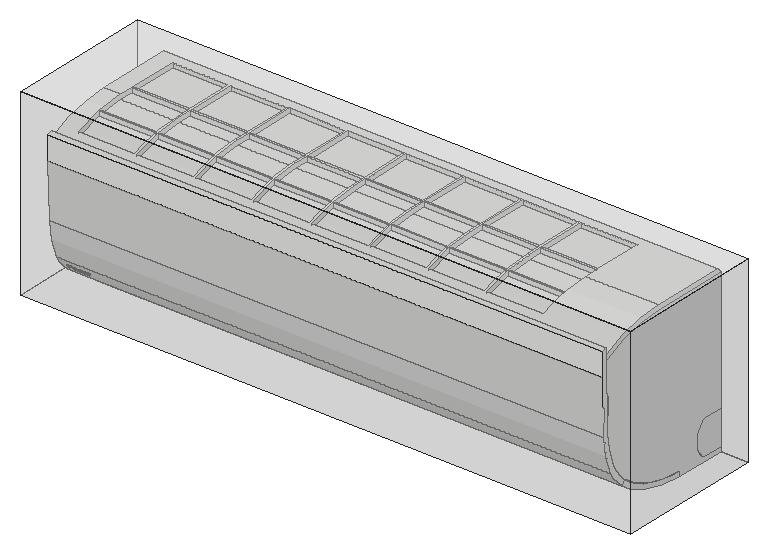
Revit family "outputfile", category 機械設備, Revit 2024 (continued)
Definition of nested family "DAIKIN_indoorunit_FTC-XV14"
  Automatic sketch dimensions
    plane 1 "Center (Front/Back)" to Extrusion 24 sketch curve = 0.0 mm  (x2)
    plane 3 "Center (Left/Right)" to Extrusion 24 sketch curve = 469.0 mm
    Extrusion 24 sketch curve to Extrusion 24 sketch curve = 20.0 mm  (x4)
    Extrusion 24 sketch curve to plane 3 "Center (Left/Right)" = 409.0 mm
  Nested families
    nested 1: "daikin_logo_plane_w40" at (-320, -198.871, -233.244) x (1, 0, 0) z (0, -0.7841, -0.6206), visible <- "Width=770", type "daikin_logo_plane_w40"
      with show_logo yes
    nested 2: "daikin_logo_plane_w40" at (-430, -237.74, -233.244) x (1, 0, 0) z (0, -0.7841, -0.6206), visible <- "Width=990", type "daikin_logo_plane_w40"
      with show_logo yes
  Definition of nested family "daikin_logo_plane_w40"
    Parameters (values of type "daikin_logo_plane_w40")
      width = 40.0 mm
      show_logo [instance] = yes
      material = none
      height = 0.0 mm
      depth = 0.0 mm
      Default Elevation = 1219.2 mm
    Reference planes
      plane 1 "Center (Front/Back)": y = 0
      plane 2: z = 0
      plane 3 "Center (Left/Right)": x = 0
      plane 4: z = 2
      plane 5 "left": x = -19
      plane 6: x = 19
    Forms (mm)
      Extrusion 1, solid, visible <- "show_logo"
        sketch origin (-19, 0, 0) x (1, 0, 0) y (0, 1, 0)
          loop
            line (8.902, -1.878) -> (7.789, -6.332) -> (11.13, -6.332)
            arc (11.13, -6.332) -> (12.454, -6.064) -> (13.472, -5.176) r 2.642
            arc (13.472, -5.176) -> (13.92, -4.02) -> (13.767, -2.79) r 2.537
            arc (13.767, -2.79) -> (13.452, -2.342) -> (12.982, -2.06) r 1.321
            arc (12.982, -2.06) -> (12.063, -1.902) -> (11.13, -1.878) r 6.479
            line (11.13, -1.878) -> (8.902, -1.878)
          loop
            line (10.016, -5.441) -> (10.907, -5.441)
            arc (10.907, -5.441) -> (11.591, -4.983) -> (11.988, -4.261) r 1.742
            spline (11.988, -4.261) -> (12.01, -4.155) -> (12.027, -4.03) -> (12.037, -3.893) -> (12.037, -3.747) -> (12.026, -3.598) -> (12.002, -3.451) -> (11.962, -3.31) -> (11.905, -3.181) -> (11.829, -3.069) -> (11.731, -2.978) -> (11.61, -2.913) -> (11.464, -2.88)
            line (11.464, -2.88) -> (10.573, -2.88) -> (10.016, -5.441)
          loop
            line (13.58, -6.332) -> (14.805, -6.332) -> (15.223, -5.553) -> (16.977, -5.553) -> (17.144, -6.332) -> (19.149, -6.332) -> (18.258, -1.878) -> (16.03, -1.878) -> (13.58, -6.332)
          loop
            line (16.476, -3.214) -> (15.76, -4.551) -> (16.762, -4.551) -> (16.476, -3.214)
          loop
            line (19.705, -6.332) -> (21.599, -6.332) -> (22.712, -1.878) -> (20.819, -1.878) -> (19.705, -6.332)
          loop
            line (22.712, -6.332) -> (24.606, -6.332) -> (24.908, -5.122) -> (25.831, -6.332) -> (28.17, -6.332) -> (26.388, -3.994) -> (28.949, -1.878) -> (26.945, -1.878) -> (25.401, -3.153) -> (25.719, -1.878) -> (23.826, -1.878) -> (22.712, -6.332)
          loop
            line (29.84, -1.878) -> (28.615, -6.332) -> (30.62, -6.332) -> (31.734, -1.878) -> (29.84, -1.878)
          loop
            line (31.734, -6.332) -> (33.07, -6.332) -> (33.7, -3.814) -> (34.518, -6.332) -> (36.745, -6.332) -> (37.859, -1.878) -> (36.523, -1.878) -> (35.845, -4.589) -> (34.963, -1.878) -> (32.847, -1.878) -> (31.734, -6.332)
        from 0 to 2
      Extrusion 2, solid, visible <- "show_logo"
        sketch origin (-19, 0, 0) x (1, 0, 0) y (0, 1, 0)
          loop
            line (8.7, 0) -> (4.235, 0) -> (0, -3.879) -> (0, -8) -> (8.7, 0)
        from 0 to 2
      Extrusion 3, solid, visible <- "show_logo"
        sketch origin (-19, 0, 0) x (1, 0, 0) y (0, 1, 0)
          loop
            line (0, 0) -> (0, -3.879) -> (4.235, 0) -> (0, 0)
        from 0 to 2
    Dimensions and locks
      plane 4 to plane 2 = 2.0 mm
      equal spacing: plane 5 "left", plane 3 "Center (Left/Right)", plane 6
      locked: plane 5 "left" to plane 6 at 38
      aligned and locked: level to plane 2
      aligned and locked: Extrusion 3 to plane 1 "Center (Front/Back)"  (x2)
      aligned and locked: Extrusion 2 to plane 1 "Center (Front/Back)"  (x2)
      aligned and locked: plane 4 to Extrusion 1
      aligned and locked: plane 4 to Extrusion 3
      aligned and locked: plane 4 to Extrusion 2
      aligned and locked: Extrusion 3 to plane 5 "left"
      aligned and locked: Extrusion 2 to plane 5 "left"
    Automatic sketch dimensions
      Extrusion 1 sketch curve to Extrusion 1 sketch curve = 0.901 mm
      Extrusion 1 sketch curve to Extrusion 1 sketch curve = 1.559 mm
      Extrusion 1 sketch curve to Extrusion 1 sketch curve = 1.327 mm
      Extrusion 1 sketch curve to Extrusion 1 sketch curve = 2.145 mm
      Extrusion 1 sketch curve to Extrusion 1 sketch curve = 1.448 mm
      Extrusion 1 sketch curve to Extrusion 1 sketch curve = 2.116 mm
      Extrusion 1 sketch curve to Extrusion 1 sketch curve = 1.114 mm  (x4)
      Extrusion 1 sketch curve to Extrusion 1 sketch curve = 1.336 mm  (x2)
      plane 1 "Center (Front/Back)" to Extrusion 1 sketch curve = 1.878 mm  (x5)
      Extrusion 1 sketch curve to Extrusion 1 sketch curve = 1.893 mm  (x5)
      Extrusion 1 sketch curve to Extrusion 1 sketch curve = 0.891 mm  (x4)
      Extrusion 1 sketch curve to Extrusion 1 sketch curve = 2.005 mm  (x3)
      Extrusion 1 sketch curve to Extrusion 1 sketch curve = 0.445 mm  (x2)
      plane 1 "Center (Front/Back)" to Extrusion 1 sketch curve = 3.994 mm
      Extrusion 1 sketch curve to Extrusion 1 sketch curve = 0.557 mm  (x2)
      Extrusion 1 sketch curve to Extrusion 1 sketch curve = 2.339 mm  (x2)
      Extrusion 1 sketch curve to Extrusion 1 sketch curve = 1.225 mm  (x3)
      plane 1 "Center (Front/Back)" to Extrusion 1 sketch curve = 3.153 mm
      Extrusion 1 sketch curve to Extrusion 1 sketch curve = 0.987 mm
      plane 1 "Center (Front/Back)" to Extrusion 1 sketch curve = 5.122 mm
      Extrusion 1 sketch curve to Extrusion 1 sketch curve = 0.922 mm
      plane 1 "Center (Front/Back)" to Extrusion 1 sketch curve = 6.332 mm
      Extrusion 1 sketch curve to Extrusion 1 sketch curve = 2.562 mm
      plane 1 "Center (Front/Back)" to Extrusion 1 sketch curve = 5.553 mm
      Extrusion 1 sketch curve to Extrusion 1 sketch curve = 0.167 mm
      Extrusion 1 sketch curve to Extrusion 1 sketch curve = 0.215 mm
      plane 1 "Center (Front/Back)" to Extrusion 1 sketch curve = 3.214 mm
      Extrusion 1 sketch curve to Extrusion 1 sketch curve = 0.286 mm
      plane 1 "Center (Front/Back)" to Extrusion 1 sketch curve = 4.551 mm
      Extrusion 1 sketch curve to Extrusion 1 sketch curve = 1.002 mm
      Extrusion 1 sketch curve to Extrusion 1 sketch curve = 0.537 mm
      Extrusion 1 sketch curve to Extrusion 1 sketch curve = 0.418 mm
      Extrusion 1 sketch curve to Extrusion 1 sketch curve = 1.028 mm
      plane 1 "Center (Front/Back)" to Extrusion 1 sketch curve = 4.261 mm
      Extrusion 1 sketch curve to Extrusion 1 sketch curve = 0.563 mm
      plane 1 "Center (Front/Back)" to Extrusion 1 sketch curve = 2.88 mm
      Extrusion 1 sketch curve to Extrusion 1 sketch curve = 1.088 mm
      Extrusion 1 sketch curve to Extrusion 1 sketch curve = 2.152 mm
      Extrusion 1 sketch curve to Extrusion 1 sketch curve = 0.586 mm
      Extrusion 1 sketch curve to Extrusion 1 sketch curve = 0.118 mm
      Extrusion 1 sketch curve to Extrusion 1 sketch curve = 0.298 mm
      Extrusion 1 sketch curve to Extrusion 1 sketch curve = 0.334 mm
      Extrusion 1 sketch curve to Extrusion 1 sketch curve = 0.223 mm
      Extrusion 1 sketch curve to Extrusion 1 sketch curve = 0.266 mm
      Extrusion 1 sketch curve to Extrusion 1 sketch curve = 1.671 mm
      Extrusion 1 sketch curve to Extrusion 1 sketch curve = 2.227 mm
      Extrusion 1 sketch curve to Extrusion 1 sketch curve = 0.0 mm  (x7)
      Extrusion 1 sketch curve to Extrusion 1 sketch curve = 3.453 mm
      Extrusion 1 sketch curve to Extrusion 1 sketch curve = 2.017 mm
      Extrusion 1 sketch curve to Extrusion 1 sketch curve = 0.78 mm  (x2)
      Extrusion 1 sketch curve to Extrusion 1 sketch curve = 1.743 mm
      Extrusion 1 sketch curve to Extrusion 1 sketch curve = 0.775 mm
      Extrusion 1 sketch curve to Extrusion 1 sketch curve = 0.552 mm
      Extrusion 1 sketch curve to Extrusion 1 sketch curve = 0.014 mm
      Extrusion 1 sketch curve to Extrusion 1 sketch curve = 0.952 mm
      Extrusion 1 sketch curve to Extrusion 1 sketch curve = 1.215 mm
      Extrusion 1 sketch curve to Extrusion 1 sketch curve = 0.108 mm
      plane 1 "Center (Front/Back)" to Extrusion 2 sketch curve = 0.0 mm
      Extrusion 2 sketch curve to plane 3 "Center (Left/Right)" = 19.0 mm
      Extrusion 2 sketch curve to plane 3 "Center (Left/Right)" = 14.765 mm
      Extrusion 2 sketch curve to Extrusion 2 sketch curve = 4.465 mm
      plane 1 "Center (Front/Back)" to Extrusion 2 sketch curve = 3.879 mm
      Extrusion 2 sketch curve to Extrusion 2 sketch curve = 4.12 mm
      plane 1 "Center (Front/Back)" to Extrusion 3 sketch curve = 0.0 mm
      Extrusion 3 sketch curve to plane 3 "Center (Left/Right)" = 19.0 mm
      Extrusion 3 sketch curve to plane 3 "Center (Left/Right)" = 14.765 mm
      plane 1 "Center (Front/Back)" to Extrusion 3 sketch curve = 3.879 mm
      Extrusion 1 sketch curve to plane 3 "Center (Left/Right)" = 11.211 mm
      Extrusion 1 sketch curve to Extrusion 1 sketch curve = 1.782 mm
Definition of nested family "daikin_connector_rotate3"
  Parameters (values of type "daikin_connector_rotate3")
    show [instance] = yes
    radius [instance] = 10.0 mm
    length [instance] = 600.0 mm
    angle_horizontal [instance] = 60.00°
    angle_vertical [instance] = 90.00°
    Default Elevation = 1219.2 mm
  Reference planes
    plane 1 "Center (Front/Back)": y = 0
    plane 2: z = 0
    plane 3 "Center (Left/Right)": x = 0
  Dimensions and locks
    "angle_horizontal": angle plane 3 "Center (Left/Right)" to nested 1
    aligned and locked: level to plane 2
    aligned and locked: plane 1 "Center (Front/Back)" to nested 1  (x2)
    aligned and locked: plane 3 "Center (Left/Right)" to nested 1
  Nested families
    nested 1: "daikin_connector_rotate2" at (0, 0, 0) x (0.5, 0.866, 0) z (0, 0, 1), angle_vertical <- "angle_vertical", length <- "length", radius <- "radius", type "daikin_connector_rotate2"
      with radius 10.0 mm, length 600.0 mm, angle_vertical 90.00°
  Definition of nested family "daikin_connector_rotate2"
    Parameters (values of type "daikin_connector_rotate2")
      show_face = yes
      radius [instance] = 10.0 mm
      length [instance] = 600.0 mm
      d_surface = 10.0 mm
      angle_vertical [instance] = 90.00°
      Default Elevation = 0.0 mm
    Reference planes
      plane 1 "Center (Front/Back)": y = 0
      plane 2: z = 0
      plane 3 "Center (Left/Right)": x = 0
    Forms (mm)
      Extrusion 1, solid, visible <- "show_face"
        sketch origin (0, -600, 0) x (1, 0, 0) y (0, 0, 1)
          loop
            circle (0, 0) r 10
        from 0 to -10
    Lines and regions (mm)
      reference lines
        curve 1: line (0, 0, 0) -> (0, -600, 0)
      symbolic lines
        curve 2: circle (0, 0, 0) r 5 normal (0, 0, 1)
      model lines, visible <- "show_face"
        curve 3: line (0, 0, 0) -> (0, -600, 0)
    Dimensions and locks
      "length": curve 1 to curve 1
      "length": curve 3 to curve 3
      "d_surface": Extrusion 1 to Extrusion 1
      "radius": radius of Extrusion 1 sketch curve
      "angle_vertical": angle curve 1 to plane 1 "Center (Front/Back)"
      "angle_vertical": angle curve 3 to plane 1 "Center (Front/Back)"
      aligned and locked: level to plane 2
      aligned and locked: plane 1 "Center (Front/Back)" to curve 1
      aligned and locked: plane 2 to curve 1
      aligned and locked: plane 1 "Center (Front/Back)" to curve 2
      aligned and locked: plane 3 "Center (Left/Right)" to curve 2
      aligned and locked: plane 1 "Center (Front/Back)" to curve 3
      aligned and locked: plane 2 to curve 3
      aligned and locked: Extrusion 1 to Extrusion 1
    Automatic sketch dimensions
      Extrusion 1 sketch curve to level = 0.0 mm
      Extrusion 1 sketch curve to plane 3 "Center (Left/Right)" = 0.0 mm
      radius of curve 2 = 5.0 mm
